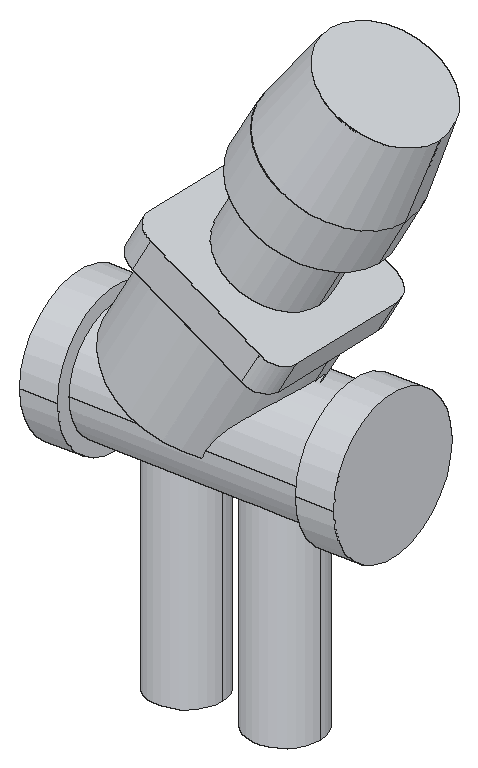
Revit family "OPTIMA_Compact_Plus_MM_DN20_5,0_RFA_2018", category Pipe Accessories, Revit 2018
Family settings
  Round Connector Dimension = Use Diameter
  Part Type = Valve - Breaks Into
  Work Plane-Based = No
  Always vertical = Yes
  Cut with Voids When Loaded = No
  Shared = No
Parameters (values of type "OPTIMA Compact Plus DN20 M-M 5.0mm")
  magiProductId = "af4b706c92c34122b2cf0a056ee45d"
  magiProductFamilyId = "3f7bf62c6d3e4202b9bf465282540d"
  magiPartTypeId = 304
  isMeasuringValve [instance] = no
  ang2D [instance] = 0.00°
  Z = 0 mm
  X = 10 mm
  W2D = 32 mm
  VersionID = "2.0/2018.8.28.1/FRESE_OPTIMA-COMPACT-MM_001"
  Use Minimum Symbol Size [instance] = yes
  URL = "www.hydronic.cz"
  Type Comments = "vnější závit; PN25; 0~120°C, s měřením"
  R9 = 8 mm
  R8 = 14 mm
  R7 = 17 mm
  R6 = 12 mm
  R5 = 5 mm
  R4 = 19 mm
  R3 = 19 mm
  R2 = 13.5 mm
  R1 = 16.5 mm
  QmdConnectorList = "301;D;302;D"
  Productdata [instance] = ""
  PLG0 = yes
  Manufacturer = "Hydronic Systems Prague s.r.o."
  MC Product Code = "53-1328  (1\" M-M; 5.0mm; Qmin-dpmin 220l/h-16.0kPa; Qmax-dpmin 1330l/h-21.6kPa; dpmax 800kPa)"
  MC Piping Given Pressure Drop [instance] = 0.0 Pa
  LL = 35 mm
  L3 = 11 mm
  L2D_Min = 3048 mm
  L2D = 104 mm
  L2 = 53.2 mm
  L1__ve = -L1  # -8.4 mm
  L1 = 8.4 mm
  H6__ve = -H6  # -58.5 mm
  H6 = 58.5 mm
  H5 = 20 mm
  H4 = 12 mm
  H3 = 18 mm
  H2 = 8 mm
  H1 = 26 mm
  Description = "Tlakově nezávislý 2-cestný regulační vyvažovací ventil (PICV)"
  D = 20 mm
  A = 30.00°
Types (8, lengths in mm): name | magiProductId | Z | X | R4 | R3 | R2 | R1 | MC Product Code | LL | L3 | L2 | L1__ve | L1 | H6__ve | H6 | H5 | H3 | H2 | H1 | D
  OPTIMA Compact Plus DN32 M-M 5.5mm | "ffa5e363716249e69711c5a01860df" | 1 | 13 | 29 | 31.5 | 22 | 24 | "53-1333  (6/4\" M-M; 5.5mm; Qmin-dpmin 550l/h-17.9kPa; Qmax-dpmin 4001l/h-28.0kPa; dpmax 800kPa)" | 52 | 12.5 | 79.04 | -12.48 | 12.48 | -66 | 66 | 20 | 16 | 10 | 46 | 32
  OPTIMA Compact Plus DN15 M-M 2.5mm | "744f5c1a8b784a0caf7e95e8856504" | 0 | 7 | 19 | 19 | 12 | 13 | "53-1324  (3/4\" M-M; 2.5mm; Qmin-dpmin 100l/h-14.9kPa; Qmax-dpmin 575l/h-18.5kPa; dpmax 800kPa)" | 32.5 | 11 | 49.4 | -7.8 | 7.8 | -55 | 55 | 20 | 18 | 8 | 26 | 15
  OPTIMA Compact Plus DN15 M-M 5.0mm | "cc68fe6008154c3392e26a3dfeb2d1" | 0 | 7 | 19 | 19 | 12 | 13 | "53-1325  (3/4\" M-M; 5.0mm; Qmin-dpmin 220l/h-16.0kPa; Qmax-dpmin 1330l/h-21.6kPa; dpmax 800kPa)" | 32.5 | 11 | 49.4 | -7.8 | 7.8 | -55 | 55 | 20 | 18 | 8 | 26 | 15
  OPTIMA Compact Plus DN20 M-M 5.0mm | "af4b706c92c34122b2cf0a056ee45d" | 0 | 10 | 19 | 19 | 13.5 | 16.5 | "53-1328  (1\" M-M; 5.0mm; Qmin-dpmin 220l/h-16.0kPa; Qmax-dpmin 1330l/h-21.6kPa; dpmax 800kPa)" | 35 | 11 | 53.2 | -8.4 | 8.4 | -58.5 | 58.5 | 20 | 18 | 8 | 26 | 20
  OPTIMA Compact Plus DN20 M-M 5.5mm | "3e0f5dc7d8ae4d97894bd6f679fd3a" | 0 | 10 | 19 | 19 | 13.5 | 16.5 | "53-1331  (1\" M-M; 5.5mm; Qmin-dpmin 300l/h-17.8kPa; Qmax-dpmin 1800l/h-40.0kPa; dpmax 800kPa)" | 35 | 11 | 53.2 | -8.4 | 8.4 | -58.5 | 58.5 | 20 | 18 | 8 | 26 | 20
  OPTIMA Compact Plus DN25 M-M 5.5mm | "30c02b6104a34c7a9c49bd2b7417bc" | 0 | 13 | 29 | 31.5 | 18.5 | 21 | "53-1332  (5/4\" M-M; 5.5mm; Qmin-dpmin 600l/h-17.3kPa; Qmax-dpmin 3609l/h-23.0kPa; dpmax 800kPa)" | 52 | 12.5 | 79.04 | -12.48 | 12.48 | -63 | 63 | 20 | 16 | 10 | 43 | 25
  OPTIMA Compact Plus DN10 M-M 2.5mm | "273b30465bdd4e038d4ed21de5046f" | 0 | 7 | 19 | 19 | 9 | 10.5 | "53-1320  (1/2\" M-M; 2.5mm; Qmin-dpmin 30l/h-14.3kPa; Qmax-dpmin 200l/h-15.8kPa; dpmax 800kPa)" | 32.5 | 11 | 49.4 | -7.8 | 7.8 | -52.5 | 52.5 | 17 | 18 | 8 | 30 | 10
  OPTIMA Compact Plus DN10 M-M 5.0mm | "05e83065d4b14c0ea9b5a56fcd5d4f" | 0 | 7 | 19 | 19 | 9 | 10.5 | "53-1329  (1/2\" M-M; 5.0mm; Qmin-dpmin 65l/h-14.6kPa; Qmax-dpmin 370l/h-17.2kPa; dpmax 800kPa)" | 32.5 | 11 | 49.4 | -7.8 | 7.8 | -52.5 | 52.5 | 17 | 18 | 8 | 30 | 10
Reference planes
  plane 1 "Center (Front/Back)": y = 0
  plane 2 "XYPLANE": z = 0
  plane 3 "Center (Left/Right)": x = 0
  plane 4 "267": x = 11
  plane 5 "266": x = -11
  plane 6 "252": through (-607.519, 0, 447.746) normal (0.5, 0, 0.866)
  plane 7 "250": through (-617.519, 0, 430.426) normal (0.5, 0, 0.866)
  plane 8 "248": through (-623.519, 0, 420.033) normal (0.5, 0, 0.866)
  plane 9 "245": through (-632.519, 0, 404.445) normal (0.5, 0, 0.866)
  plane 10 "241": through (349.885, 0, 664.019) normal (0.866, 0, -0.5)
  plane 11 "240": through (382.794, 0, 645.019) normal (0.866, 0, -0.5)
  plane 12 "239": y = -19
  plane 13 "238": y = 19
  plane 14 "237": through (-636.519, 0, 397.517) normal (0.5, 0, 0.866)
  plane 15 "235": through (-649.519, 0, 375) normal (0.5, 0, 0.866)
  plane 16 "231": y = 0
  plane 17 "230": through (366.34, 0, 654.519) normal (0.866, 0, -0.5)
  plane 18 "211": x = -26.6
  plane 19 "204": x = 35
  plane 20 "203": x = -35
  plane 21 "202": x = 0
  plane 22 "201": z = 0
  plane 23 "200": y = 0
  plane 24 "227XY": through (-649.519, 0, 375) normal (0.5, 0, 0.866)
  plane 25 "227XZ": y = 0
  plane 26 "227YZ": through (375, 0, 649.519) normal (0.866, 0, -0.5)
Forms (mm)
  Extrusion 1, solid, visible <- "PLG0"
    sketch origin (-750, 0, 0) x (1, 0, 0) y (0, 1, 0)
      loop
        circle (761, 0) r 8
    from 0 to -58.5 <- "H6__ve"
  Extrusion 2, solid, visible <- "PLG0"
    sketch origin (-750, 0, 0) x (1, 0, 0) y (0, 1, 0)
      loop
        circle (739, 0) r 8
    from 0 to -58.5 <- "H6__ve"
  Blend 3, solid
    base sketch origin (-617.519, 0, 430.426) x (0.866025, 0, -0.5) y (0, 1, 0)
      loop
        circle (740, 0) r 17
    top sketch origin (-617.519, 0, 430.426) x (0.866025, 0, -0.5) y (0, 1, 0)
      loop
        circle (740, 0) r 14
    from 0 to 20
  Extrusion 4, solid
    sketch origin (-623.519, 0, 420.033) x (0.866025, 0, -0.5) y (0, 1, 0)
      loop
        circle (740, 0) r 17
    from 0 to 12 <- "H4"
  Extrusion 5, solid
    sketch origin (-632.519, 0, 404.445) x (0.866025, 0, -0.5) y (0, 1, 0)
      loop
        circle (740, 0) r 12
    from 0 to 18 <- "H3"
  Extrusion 6, solid
    sketch origin (-636.519, 0, 397.517) x (0.866025, 0, -0.5) y (0, 1, 0)
      loop
        arc (726, 19) -> (722.464, 17.536) -> (721, 14) r 5
        line (721, 14) -> (721, -14)
        arc (721, -14) -> (722.464, -17.536) -> (726, -19) r 5
        line (726, -19) -> (754, -19)
        arc (754, -19) -> (757.536, -17.536) -> (759, -14) r 5
        line (759, -14) -> (759, 14)
        arc (759, 14) -> (757.536, 17.536) -> (754, 19) r 5
        line (754, 19) -> (726, 19)
    from 0 to 8 <- "H2"
  Extrusion 7, solid
    sketch origin (-649.519, 0, 375) x (0.866025, 0, -0.5) y (0, 1, 0)
      loop
        circle (740, 0) r 19
    from 0 to 26 <- "H1"
  Extrusion 8, solid
    sketch origin (-26.6, -750, 0) x (0, 1, 0) y (0, 0, 1)
      loop
        circle (750, 0) r 13.5
    from 0 to 53.2 <- "L2"
  Extrusion 9, solid
    sketch origin (35, -750, 0) x (0, 1, 0) y (0, 0, 1)
      loop
        circle (750, 0) r 16.5
    from 0 to -8.4 <- "L1__ve"
  Extrusion 10, solid
    sketch origin (-35, -750, 0) x (0, 1, 0) y (0, 0, 1)
      loop
        circle (750, 0) r 16.5
    from 0 to 8.4 <- "L1"
  Extrusion 11, solid, not visible
    sketch origin (35, -750, 0) x (0, 1, 0) y (0, 0, 1)
      loop
        circle (750, 0) r 10
    from 0 to -10
  Extrusion 12, solid, not visible
    sketch origin (-35, -750, 0) x (0, 1, 0) y (0, 0, 1)
      loop
        circle (750, 0) r 10
    from 0 to 10
Lines and regions (mm)
  reference lines, not visible
    curve 1: circle (2, 2, 0) r 1 normal (0, 0, 1)
Text (mm)
  text "© Progman Oy, all rights reserved" at (-472.209, -2482.653, 0), in view "Ref. Level"
Dimensions and locks
  plane 1 "Center (Front/Back)" to curve 1 = 2 mm
  "L3": plane 3 "Center (Left/Right)" to plane 4 "267"
  "L3": plane 3 "Center (Left/Right)" to plane 5 "266"
  "H5": plane 7 "250" to plane 6 "252"
  "H4": plane 8 "248" to plane 7 "250"
  "H3": plane 9 "245" to plane 8 "248"
  "H2": plane 14 "237" to plane 9 "245"
  "R4": plane 17 "230" to plane 10 "241"
  "R4": plane 17 "230" to plane 11 "240"
  "R4": plane 23 "200" to plane 12 "239"
  "R4": plane 23 "200" to plane 13 "238"
  "H1": plane 15 "235" to plane 14 "237"
  "Z": plane 24 "227XY" to plane 15 "235"
  locked: plane 23 "200" to plane 16 "231"
  "X": plane 26 "227YZ" to plane 17 "230"
  "L1": plane 20 "203" to plane 18 "211"
  "LL": plane 3 "Center (Left/Right)" to plane 19 "204"
  "LL": plane 3 "Center (Left/Right)" to plane 20 "203"
  locked: plane 3 "Center (Left/Right)" to plane 21 "202"
  locked: plane 2 "XYPLANE" to plane 22 "201"
  locked: plane 1 "Center (Front/Back)" to plane 23 "200"
  Extrusion 6 sketch curve to Extrusion 6 sketch curve = 0 mm  (x16)
  "R9": radius of Extrusion 1 sketch curve
  "R9": radius of Extrusion 2 sketch curve
  "R8": radius of Blend 3 sketch curve
  "R7": radius of Blend 3 sketch curve
  "R7": radius of Extrusion 4 sketch curve
  "R6": radius of Extrusion 5 sketch curve
  "R5": radius of Extrusion 6 sketch curve  (x4)
  "R3": radius of Extrusion 7 sketch curve
  "R2": radius of Extrusion 8 sketch curve
  "R1": radius of Extrusion 9 sketch curve
  "R1": radius of Extrusion 10 sketch curve
  aligned and locked: level to plane 2 "XYPLANE"
  aligned and locked: plane 4 "267" to Extrusion 1 sketch curve
  aligned and locked: plane 23 "200" to Extrusion 1 sketch curve
  aligned and locked: plane 5 "266" to Extrusion 2 sketch curve
  aligned and locked: plane 23 "200" to Extrusion 2 sketch curve
  aligned and locked: plane 16 "231" to Blend 3 sketch curve  (x2)
  aligned and locked: Blend 3 sketch curve to plane 17 "230"  (x2)
  aligned and locked: plane 6 "252" to Blend 3
  aligned and locked: plane 16 "231" to Extrusion 4 sketch curve
  aligned and locked: Extrusion 4 sketch curve to plane 17 "230"
  aligned and locked: plane 16 "231" to Extrusion 5 sketch curve
  aligned and locked: Extrusion 5 sketch curve to plane 17 "230"
  aligned and locked: Extrusion 6 sketch curve to plane 10 "241"
  aligned and locked: Extrusion 6 sketch curve to plane 12 "239"
  aligned and locked: Extrusion 6 sketch curve to plane 11 "240"
  aligned and locked: plane 13 "238" to Extrusion 6 sketch curve
  aligned and locked: plane 16 "231" to Extrusion 7 sketch curve
  aligned and locked: Extrusion 7 sketch curve to plane 17 "230"
  aligned and locked: plane 22 "201" to Extrusion 8 sketch curve
  aligned and locked: Extrusion 8 sketch curve to plane 23 "200"
  aligned and locked: plane 22 "201" to Extrusion 9 sketch curve
  aligned and locked: Extrusion 9 sketch curve to plane 23 "200"
  aligned and locked: plane 22 "201" to Extrusion 10 sketch curve
  aligned and locked: Extrusion 10 sketch curve to plane 23 "200"
  aligned and locked: plane 22 "201" to Extrusion 11 sketch curve
  aligned and locked: Extrusion 11 sketch curve to plane 23 "200"
  aligned and locked: plane 22 "201" to Extrusion 12 sketch curve
  aligned and locked: Extrusion 12 sketch curve to plane 23 "200"
Automatic sketch dimensions
  plane 1 "Center (Front/Back)" to Extrusion 11 sketch curve = 10 mm
  plane 1 "Center (Front/Back)" to Extrusion 12 sketch curve = 10 mm
  plane 3 "Center (Left/Right)" to curve 1 = 2 mm
  radius of curve 1 = 1 mm
Connectors
  piping at (-35, 0, 0), diameter 20, driven by "D"
    settings: on Extrusion 12, index 1, connector inside diameter 609.6 mm, connector length 0 mm, flow factor 0, pipe flow 0.0 L/s, pressure drop 0.0 Pa, fitting loss kfactor 0, connector angle 0.00°, fixture units 0, engagement length 0 mm, angle of deflection 0.00°, flow configuration 0, flow direction 0, fitting loss method 0, system type 29, joint type 0, gender type 0, connector reference index 2, connector utility 0, adjustable connector no, is connector primary yes, connector description ""
  piping at (35, 0, 0), diameter 20, driven by "D"
    settings: on Extrusion 11, index 2, connector inside diameter 609.6 mm, connector length 0 mm, flow factor 0, pipe flow 0.0 L/s, pressure drop 0.0 Pa, fitting loss kfactor 0, connector angle 0.00°, fixture units 0, engagement length 0 mm, angle of deflection 0.00°, flow configuration 0, flow direction 0, fitting loss method 0, system type 29, joint type 0, gender type 0, connector reference index 1, connector utility 0, adjustable connector no, is connector primary no, connector description ""
